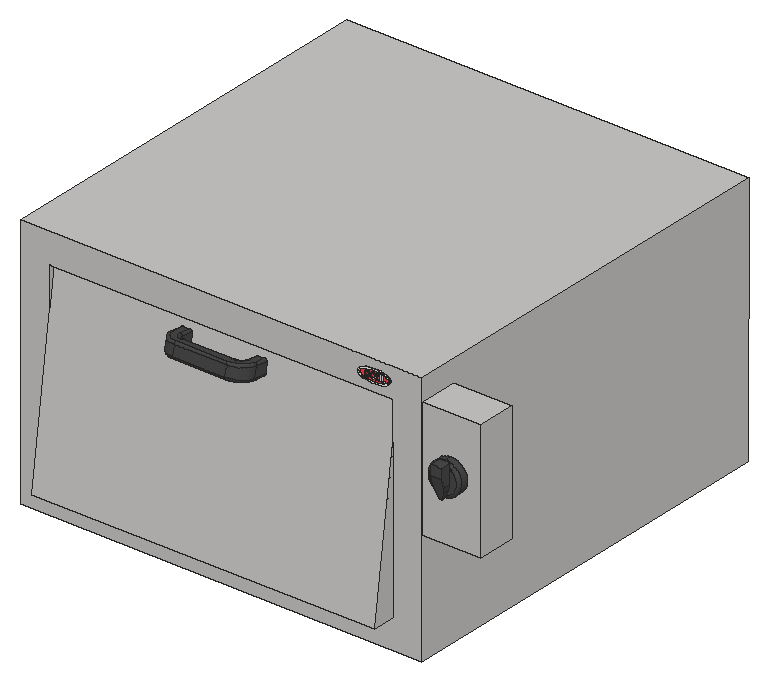
Revit family "QF_COZIL_FFCIL", category Equipamento especial, Revit 2020
Family settings
  Cota do conector redondo = Utilizar diâmetro
  Tipo de parte = Normal
  Número OmniClass = 23.40.40.14.17.11
  Título OmniClass = Cookers, Ovens, Stoves
  Com base no plano de trabalho = Não
  Sempre na vertical = Sim
  Corte com vazios quando carregada = Não
  Compartilhado = Não
  Ponto de cálculo do ambiente = Não
Parameters (values of type "FFCIL")
  Weight [instance] = 25.00 kg
  URL = "https://cozil.com.br/"
  Modelo = "FFCIL"
  Gas Input GN = "4541 kcal/h"
  Gas Input GLP [instance] = 18184 Btu/h
  Gas Flow GN [instance] = 0.49 m³/h
  Gas Flow GLP = "0.39 kg/h"
  Fabricante = "COZIL"
  Elevação padrão = 0.00 mm
  Descrição = "FORNO DE EMBUTIR A GAS"
  Type Comments = ""
  Show Logo [instance] = yes
  Show Clearances [instance] = yes
  Serial Number [instance] = ""
  Seismic Rating [instance] = ""
  SMACNA No [instance] = ""
  Revision Code [instance] = ""
  NAFEM Spec ID Number [instance] = ""
  Masterspec [instance] = ""
  Length Actual [instance] = 850.00 mm
  Item Number [instance] = ""
  Identify Quantity as Lot [instance] = yes
  Height Actual [instance] = 470.00 mm
  Gas Size [instance] = 1/2"
  Gas Connection Height [instance] = 260.00 mm
  Foodservice Equipment Identifier [instance] = yes
  Depth Actual [instance] = 795.00 mm
  CSI MasterFormat [instance] = ""
  CE Approved [instance] = yes
Reference planes
  plane 1 "Centro (Frontal/Traseira)": y = 0
  plane 2: z = 0
  plane 3 "Centro (Esquerda/Direita)": x = 0
  plane 4: z = 470
  plane 5: x = -425
  plane 6: x = -371
  plane 7: z = 50
  plane 8: x = 263
  plane 9: z = 100
  plane 10: x = -54
  plane 11: y = -795
  plane 12: y = -754
  plane 13: x = 317
  plane 14: x = 425
  plane 15: y = -682
Forms (mm)
  Extrusion 1, solid, material "QF_Metal_Stainless Steel"
    sketch origin (0, -545, 0) x (1, 0, 0) y (0, 0, 1)
      loop
        line (-425, 470) -> (-425, 0) -> (317, 0) -> (317, 470) -> (-425, 470)
      loop
        line (263, 415.5) -> (-371, 415.5) -> (-371, 52.7) -> (263, 52.7) -> (263, 415.5)
    from -545 to 209
  Extrusion 2, solid, material "QF_Metal_Stainless Steel"
    sketch origin (0, -545, -11.425) x (1, 0, 0) y (0, 0, 1)
      loop
        line (317, 441.425) -> (317, 221.425) -> (425, 221.425) -> (425, 441.425) -> (317, 441.425)
    from 137 to 209
  Extrusion 3, solid, material "QF_Metal_Stainless Steel"
    sketch origin (0, -479.759, 0) x (0, 1, 0) y (0, 0, 1)
      loop
        line (479.759, 52.7) -> (479.759, 415.5) -> (-264.253, 415.5) -> (-315.241, 52.7) -> (479.759, 52.7)
    from -371 to 263
  Extrusion 4, solid, material "QF_Metal_Stainless Steel"
    sketch origin (0, -682, -11.425) x (-1, 0, 0) y (0, 0, 1)
      loop
        circle (-372, 271.425) r 6.35
    from 0 to 6.35
  Extrusion 5, solid, material "QF_Clearances", visible <- "Show Clearances", detail levels coarse
    sketch origin (263, -479.759, 0) x (0, 1, 0) y (0, 0, 1)
      loop
        arc (-264.252, 415.505) -> (-555.601, 329.203) -> (-681.611, 52.7) r 366.37
        line (-681.611, 52.7) -> (-315.241, 52.7) -> (-264.252, 415.505)
    from 0 to -634
Cuts and joins
  joined: Extrusion 1, Extrusion 3
Lines and regions (mm)
  symbolic lines
    curve 1: line (-425, -754, 0) -> (-425, 0, 0)
    curve 2: line (-425, 0, 0) -> (317, 0, 0)
    curve 3: line (317, 0, 0) -> (317, -754, 0)
    curve 4: line (317, -754, 0) -> (-425, -754, 0)
    curve 5: line (184.111, -795, 0) -> (243.063, -795, 0)
    curve 6: line (184.111, -795, 0) -> (243.063, -795, 0)
    curve 7: line (243.063, -795, 0) -> (184.111, -795, 0)
    curve 8: line (-371, -754, 0) -> (-371, -795, 0)
    curve 9: line (-371, -795, 0) -> (263, -795, 0)
    curve 10: line (263, -795, 0) -> (263, -754, 0)
    curve 11: line (263, -754, 0) -> (-371, -754, 0)
    curve 12: line (317, -754, 0) -> (425, -754, 0)
    curve 13: line (425, -754, 0) -> (425, -682, 0)
    curve 14: line (425, -682, 0) -> (317, -682, 0)
Dimensions and locks
  locked: plane 4 to Extrusion 2 at 40
  "Height Actual": plane 4 to level
  "Gas Connection Height": level to Extrusion 4 sketch curve
  "Depth Actual": plane 11 to plane 1 "Centro (Frontal/Traseira)"
  plane 5 to plane 13 = 742.00 mm
  plane 13 to plane 14 = 108.00 mm
  "Length Actual": plane 5 to plane 14
  plane 1 "Centro (Frontal/Traseira)" to plane 12 = 754.00 mm
  locked: plane 12 to plane 15 at 72
  locked: Extrusion 3 sketch curve to level at 52.7
  plane 4 to Extrusion 3 sketch curve = 54.50 mm
  Extrusion 2 sketch curve to Extrusion 2 sketch curve to level = 220.00 mm locked, 210.00 mm locked
  equal spacing: plane 13, plane 10, plane 5
  equal spacing: Extrusion 3, nested 3, plane 4
  plane 14 to nested 3 = 195.00 mm
  nested 1 to plane 4 = 142.00 mm
  equal spacing: plane 14, nested 1, plane 13
  Extrusion 4 sketch curve to plane 13 = 55.00 mm
  "Gas Size": diameter of Extrusion 4 sketch curve
  locked: plane 11 to Extrusion 3 sketch curve (angle 8.00°)
  aligned and locked: level to plane 2
  aligned and locked: plane 4 to Extrusion 1
  aligned and locked: Extrusion 1 to level
  aligned and locked: Extrusion 1 to plane 5
  aligned and locked: Extrusion 3 to plane 6
  aligned and locked: plane 8 to Extrusion 3
  aligned and locked: Extrusion 5 to Extrusion 3
  aligned and locked: Extrusion 3 to Extrusion 5
  aligned and locked: curve 14 to Extrusion 2
  aligned and locked: plane 12 to Extrusion 2
  aligned and locked: Extrusion 1 to plane 12
  aligned and locked: plane 12 to nested 1
  aligned and locked: curve 11 to Extrusion 1
  aligned and locked: plane 13 to Extrusion 1
  aligned and locked: plane 14 to Extrusion 2
  aligned and locked: curve 13 to Extrusion 2
  aligned and locked: plane 15 to Extrusion 2
  aligned and locked: plane 11 to Extrusion 3 sketch curve
  aligned and locked: Extrusion 1 sketch curve to Extrusion 3  (x4)
  aligned and locked: Extrusion 3 sketch curve to plane 1 "Centro (Frontal/Traseira)"
  aligned and locked: Extrusion 2 to plane 13
  aligned and locked: Extrusion 3 to Extrusion 5 sketch curve
  aligned and locked: Extrusion 5 sketch curve to Extrusion 3
  aligned and locked: nested 2 to Extrusion 5
  aligned and locked: plane 10 to nested 2
  aligned and locked: curve 3 to Extrusion 1
  aligned and locked: plane 12 to nested 3
Automatic sketch dimensions
  plane 1 "Centro (Frontal/Traseira)" to curve 1 = 0.00 mm
  curve 1 to plane 5 = 0.00 mm
  curve 8 to plane 6 = 0.00 mm
  plane 11 to curve 7 = 0.00 mm
  curve 11 to plane 8 = 0.00 mm
  curve 4 to plane 12 = 0.00 mm
  curve 6 to plane 8 = 78.889 mm
  curve 7 to plane 8 = 19.937 mm
  curve 7 to curve 5 = 0.00 mm
  plane 11 to curve 9 = 0.00 mm
  Extrusion 1 sketch curve to level = 0.00 mm
  plane 5 to Extrusion 1 sketch curve = 0.00 mm
  Extrusion 1 sketch curve to plane 13 = 0.00 mm
  Extrusion 1 sketch curve to plane 4 = 0.00 mm
  Extrusion 2 sketch curve to plane 13 = 0.00 mm
  Extrusion 2 sketch curve to plane 14 = 0.00 mm
  Extrusion 5 sketch curve to Extrusion 3 = 0.00 mm
  Extrusion 3 to Extrusion 5 sketch curve = 0.005 mm
Nested families
  nested 1: "Botão Linha Industrial" at (371, -754, 328), type "Botão Fogão.0009"
  nested 2: "PEGADOR PEQUENO" at (-54, -750.77, 367.415) x (1, 0, 0) z (0, 0.1392, 0.9903), type "PEGADOR PEQUENO"
    with Weight 0.00 kg, Watts 0 W, Warranty Start Date "", Warranty Duration "", Volts 0 V, URL Recommended Spares List "", URL Manufacturer "", URL Cutsheet "", URL Critical Spares List "", Technical Documentation "", Tag Number "", Steam type "", Steam Supply Volume 0.0 m³/h, Steam Supply Size 0", Steam Supply Minimum Pressure 0.0 Pa, Steam Supply Maximum Pressure 0.0 Pa, Steam Supply Connection Height 0.00 mm, Steam Pounds per Hour 0, Status "", Specification by User "", Specification by Manufacturer "", Sound Level "", Solid Fuel Type "", Show Logo yes, Show Clearances yes, Service Life Duration "", Serial Number "", Seismic Rating "", SMACNA No "", Revision Code "", Revision "", Refrigeration Working Pressure 0.0 Pa, Refrigeration Evaporation Temperature -273.15 °C, Refrigeration Energy Efficiency Index "", Refrigeration Defrost Drain yes, Refrigeration Climate Class "", Refrigerant Type "", Refrigerant Mass 0, Refrigerant Flow 0.0 m³/h, Production Year "", Point Load 0, Phase 0, Operational Current 0 A, NAFEM Spec ID Number "", Model Warning "", Masterspec "", Length Actual 0.00 mm, Item Number "", Installed By "", Installation Date "", Ingress Protection Code "", Identify Quantity as Lot yes, ID "", Hygiene Approval "", Height Actual 0.00 mm, Gas Size 0", Gas Input 0 Btu/h, Gas Flow GN 0.0 m³/h, Gas Connection Height 0.00 mm, Furnished By "", Fuel Type "", Foodservice Equipment Identifier yes, Flue Type "", Exhaust Volume 0.0 L/s, Exhaust Vent Width 0.00 mm, Exhaust Vent Height 0.00 mm, Exhaust Vent Diameter 0.00 mm, Exhaust Vent Depth 0.00 mm, Exhaust Air Temperature -273.15 °C, Elec Conn Connection Height 0.00 mm, ETL Approved yes, Depth Actual 0.00 mm, Cycle 0 Hz, CSI MasterFormat "", CE Approved yes, Accessory yes
  nested 3: "LOGOTIPO COZIL MENOR" at (230, -754, 442.75), visible <- "Show Logo", type "LOGOTIPO COZIL MENOR"
    with Weight 0.00 kg, Watts 0 W, Waste Water Discharge Temperature -273.15 °C, Waste Remarks "", Warranty Start Date "", Warranty Duration "", Volts 0 V, Volt Free Conn yes, Ventilation Remarks "", URL Recommended Spares List "", URL Manufacturer "", URL Cutsheet "", URL Critical Spares List "", Technical Documentation "", Tag Number "", Steam type "", Steam Supply Volume 0.0 m³/h, Steam Supply Size 0", Steam Supply RI Height 0.00 mm, Steam Supply Minimum Pressure 0.0 Pa, Steam Supply Maximum Pressure 0.0 Pa, Steam Supply Connection Height 0.00 mm, Steam Remarks "", Steam Pounds per Hour 0, Status "", Start Up Current 0 A, Specification by User "", Specification by Manufacturer "", Sound Level "", Solid Fuel Type "", Show Logo yes, Show Clearances yes, Service Life Duration "", Serial Number "", Sensible Heat Output 0 Btu/h, Seismic Rating "", SMACNA No "", Revision Code "", Revision "", Refrigeration Working Pressure 0.0 Pa, Refrigeration Suction Line Size 0", Refrigeration Liquid Line Size 0", Refrigeration Evaporation Temperature -273.15 °C, Refrigeration Energy Efficiency Index "", Refrigeration Defrost Drain yes, Refrigeration Climate Class "", Refrigerant Type "", Refrigerant Mass 0, Refrigerant Flow 0.0 m³/h, Refrigerant Compressor Remote yes, Production Year "", Preheated Hot Water Temperature Recommended -273.15 °C, Preheated Hot Water Size 0", Preheated Hot Water RI Height 0.00 mm, Preheated Hot Water Quality "", Preheated Hot Water Minimum Pressure 0.0 Pa, Preheated Hot Water Maximum Pressure 0.0 Pa, Preheated Hot Water Flow 0.0 m³/h, Preheated Hot Water Connection Height 0.00 mm, Potential Equalisation yes, Point Load 0, Plumbing Remarks "", Plumbing Connection Type "", Phase 0, Other Equipment Approvals "", Operational Current 0 A, Odor Trap Included yes, Number of Poles 1, No Load Power Draw yes, National Water Regulation Certification yes, NAFEM Spec ID Number "", Model Warning "", Min Ckt Ampacity 0 A, Mechanical Remarks "", Mechanical Connection Type "", Max Overcurrent Protection 0 A, Masterspec "", Main switch integrated yes, MU Air Volume 0.0 L/s, MU Air Vent Width 0.00 mm, MU Air Vent Diameter 0.00 mm, MU Air Vent Depth 0.00 mm, MU Air Static Press 0.0 Pa, MU Air Speed at Spigot 0.0 L/s, MU Air RI Height 0.00 mm, Length Actual 0.00 mm, Latent Heat Output 0 Btu/h, Item Number "", Installed By "", Installation Date "", Ingress Protection Code "", Indirect Waste Size 0", Indirect Waste Flow 0.0 m³/h, Indirect Waste Connection Type "", Indirect Waste Connection Height 0.00 mm, Identify Quantity as Lot yes, ID "", Hygiene Approval "", Hot Water Temperature -273.15 °C, Hot Water Supply Temperature -273.15 °C, Hot Water Size 0", Hot Water RI Height 0.00 mm, Hot Water Quality "", Hot Water Minimum Pressure 0.0 Pa, Hot Water Maximum Pressure 0.0 Pa, Hot Water Flow 0.0 m³/h, Hot Water Consumption "", Hot Water Connection Height 0.00 mm, Height Actual 0.00 mm, HP "", Gas Size Flexible 0", Gas Size Fixed 0", Gas Size 0", Gas RI Height 0.00 mm, Gas Input 0 Btu/h, Gas Flow 0.0 m³/h, Gas Connection Height 0.00 mm, Furnished By "", Fuel Type "", Foodservice Equipment Identifier yes, Flue Type "", Filtered Treated Water Supply Size 0", Filtered Treated Water Recommended Temperature -273.15 °C, Filtered Treated Water RI Height 0.00 mm, Filtered Treated Water Quality "", Filtered Treated Water Minimum Pressure 0.0 Pa, Filtered Treated Water Maximum Pressure 0.0 Pa, Filtered Treated Water Flow 0.0 m³/h, Filtered Treated Water Consumption "", Filtered Treated Water Connection Height 0.00 mm, FL Amps 0 A, Exhaust Volume 0.0 L/s, Exhaust Vent Width 0.00 mm, Exhaust Vent Height 0.00 mm, Exhaust Vent Diameter 0.00 mm, Exhaust Vent Depth 0.00 mm, Exhaust Static Press 0.0 Pa, Exhaust Speed at Spigot 0.0 L/s, Exhaust RI Height 0.00 mm, Exhaust Air Temperature -273.15 °C, Exhaust Air Humidity 0, Energy Efficiency Labelling "", Electrical Remarks "", Electric Connection Type "", Elec Conn RI Height 0.00 mm, Elec Conn Connection Height 0.00 mm, Earth Leakage Switch necessary yes, Earth Leakage Switch Type "", ETL Approved yes, Direct Waste Size 0", Direct Waste RI Height 0.00 mm, Direct Waste Flow 0.0 m³/h, Direct Waste Connection Height 0.00 mm, Direct Heat Output 0 Btu/h, Digital Connectivity Description "", Depth Actual 0.00 mm, Cycle 0 Hz, Connection to energy optimisation system yes, Conn Plug "", Conn Conduit yes, Condensate Return Size 0", Condensate Return RI Height 0.00 mm, Condensate Return Connection Height 0.00 mm, Compressed Air Volume 0.0 m³/h, Compressed Air Size 0", Compressed Air RI Height 0.00 mm, Compressed Air Quality "", Compressed Air Pressure 0.0 Pa, Compressed Air Connection Height 0.00 mm, Cold Water Temperature Recommended -273.15 °C, Cold Water Size 0", Cold Water RI Height 0.00 mm, Cold Water Quality "", Cold Water Minimum Pressure 0.0 Pa, Cold Water Maximum Pressure 0.0 Pa, Cold Water Flow 0.0 m³/h, Cold Water Consumption "", Cold Water Connection Height 0.00 mm, Chilled Water Temperature -273.15 °C, Chilled Water Supply Size 0", Chilled Water Supply RI Height 0.00 mm, Chilled Water Supply Quality "", Chilled Water Supply Maximum Temperature -273.15 °C, Chilled Water Supply Connection Height 0.00 mm, Chilled Water Return Size 0", Chilled Water Return RI Height 0.00 mm, Chilled Water Return Minimum Pressure 0.0 Pa, Chilled Water Return Maximum Pressure 0.0 Pa, Chilled Water Return Connection Height 0.00 mm, Chilled Water Minimum Pressure 0.0 Pa, Chilled Water Maximum Pressure 0.0 Pa, Chilled Water Flow 0.0 m³/h, CSI MasterFormat "", CO2 Volume 0.0 m³/h, CO2 Size 0", CO2 RI Height 0.00 mm, CO2 Pressure 0.0 Pa, CO2 Connection Height 0.00 mm, CE Approved yes, Barcode "", BTUH 0 Btu/h, Author "", Asset Identifier "", Apparent Power 0 VA, Accessory yes, Ability for Digital Connectivity yes
Connectors
  piping at (372, -675.65, 260), diameter 12.7, driven by "Gas Size"
    settings: on Extrusion 4, index 1, connector inside diameter 24", connector length 0.00 mm, flow factor 0, pipe flow 0.0 m³/h, pressure drop 0.0 Pa, fitting loss kfactor 0, connector angle 0.00°, fixture units 0, engagement length 0.00 mm, angle of deflection 0.00°, flow configuration 0, flow direction 1, fitting loss method 0, system type 7, joint type 0, gender type 0, connector reference index -1, connector utility 0, adjustable connector no, is connector primary yes, connector description ""
Definition of nested family "Botão Linha Industrial"
  Parameters (values of type "Botão Fogão.0009")
    Default Elevation = 0.00 mm
  Reference planes
    plane 1 "Center (Front/Back)": y = 0
    plane 2: z = 0
    plane 3 "Center (Left/Right)": x = 0
    plane 4: z = 0
  Forms (mm)
    Revolve 1, solid
      sketch origin (0, 0, 0) x (0, 1, 0) y (0, 0, -1)
        loop
          line (0, 30) -> (-13, 30)
          arc (-13, 30) -> (-16.536, 28.536) -> (-18, 25) r 5
          line (-18, 25) -> (-18, 0) -> (0, 0) -> (0, 30)
        axis (0, 0) -> (-18, 0)
      angle from 0 to 360
    Extrusion 2, void
      sketch origin (0, 10, -2.8) x (0, 1, 0) y (0, 0, -1)
        loop
          line (-45, -12.8) -> (-30, 37.2) -> (-45, 37.2) -> (-45, -12.8)
      from -35.871 to 23.428
    Extrusion 3, solid
      sketch origin (0, -15, 0) x (0, 0, -1) y (1, 0, 0)
        loop
          arc (6.478, -10) -> (10.819, -9.62) -> (15.028, -8.492) r 25
          line (15.028, -8.492) -> (28.635, -3.54)
          arc (28.635, -3.54) -> (29.554, -2.856) -> (29.947, -1.779) r 2
          arc (29.947, -1.779) -> (30, 0) -> (29.947, 1.779) r 30
          arc (29.947, 1.779) -> (29.554, 2.856) -> (28.635, 3.54) r 2
          line (28.635, 3.54) -> (15.028, 8.492)
          arc (15.028, 8.492) -> (10.819, 9.62) -> (6.478, 10) r 25
          line (6.478, 10) -> (-28.284, 10)
          arc (-28.284, 10) -> (-29.93, 0) -> (-28.284, -10) r 31.212
          line (-28.284, -10) -> (6.478, -10)
      from -0.256 to 20
  Cuts and joins
    Extrusion 2 cuts Revolve 1
    Extrusion 2 cuts Extrusion 3
    joined: Revolve 1, Extrusion 3
  Dimensions and locks
    Revolve 1 sketch curve to level = 30.00 mm
    Extrusion 3 sketch curve to plane 3 "Center (Left/Right)" = 10.00 mm
    aligned and locked: level to plane 2
Definition of nested family "PEGADOR PEQUENO"
  Parameters (values of type "PEGADOR PEQUENO")
    Weight [instance] = 0.00 kg
    Watts [instance] = 0 W
    Warranty Start Date [instance] = ""
    Warranty Duration [instance] = ""
    Volts [instance] = 0 V
    URL Recommended Spares List [instance] = ""
    URL Manufacturer [instance] = ""
    URL Cutsheet [instance] = ""
    URL Critical Spares List [instance] = ""
    Gas Flow GN [instance] = 0.0 m³/h
    Gas Flow GLP = ""
    Default Elevation = 0.00 mm
    Type Comments = ""
    Technical Documentation [instance] = ""
    Tag Number [instance] = ""
    Steam type [instance] = ""
    Steam Supply Volume [instance] = 0.0 m³/h
    Steam Supply Size [instance] = 0"
    Steam Supply Minimum Pressure [instance] = 0.0 Pa
    Steam Supply Maximum Pressure [instance] = 0.0 Pa
    Steam Supply Connection Height [instance] = 0.00 mm
    Steam Pounds per Hour [instance] = 0
    Status [instance] = ""
    Specification by User [instance] = ""
    Specification by Manufacturer [instance] = ""
    Sound Level [instance] = ""
    Solid Fuel Type [instance] = ""
    Show Logo [instance] = yes
    Show Clearances [instance] = yes
    Service Life Duration [instance] = ""
    Serial Number [instance] = ""
    Seismic Rating [instance] = ""
    SMACNA No [instance] = ""
    Revision Code [instance] = ""
    Revision [instance] = ""
    Refrigeration Working Pressure [instance] = 0.0 Pa
    Refrigeration Evaporation Temperature [instance] = -273.15 °C
    Refrigeration Energy Efficiency Index [instance] = ""
    Refrigeration Defrost Drain [instance] = yes
    Refrigeration Climate Class [instance] = ""
    Refrigerant Type [instance] = ""
    Refrigerant Mass [instance] = 0
    Refrigerant Flow [instance] = 0.0 m³/h
    Production Year [instance] = ""
    Point Load [instance] = 0
    Phase [instance] = 0
    Operational Current [instance] = 0 A
    NAFEM Spec ID Number [instance] = ""
    Model Warning [instance] = ""
    Masterspec [instance] = ""
    Length Actual [instance] = 0.00 mm
    Item Number [instance] = ""
    Installed By [instance] = ""
    Installation Date [instance] = ""
    Ingress Protection Code [instance] = ""
    Identify Quantity as Lot [instance] = yes
    ID [instance] = ""
    Hygiene Approval [instance] = ""
    Height Actual [instance] = 0.00 mm
    Gas Size [instance] = 0"
    Gas Input [instance] = 0 Btu/h
    Gas Connection Height [instance] = 0.00 mm
    Furnished By [instance] = ""
    Fuel Type [instance] = ""
    Foodservice Equipment Identifier [instance] = yes
    Flue Type [instance] = ""
    Exhaust Volume [instance] = 0.0 L/s
    Exhaust Vent Width [instance] = 0.00 mm
    Exhaust Vent Height [instance] = 0.00 mm
    Exhaust Vent Diameter [instance] = 0.00 mm
    Exhaust Vent Depth [instance] = 0.00 mm
    Exhaust Air Temperature [instance] = -273.15 °C
    Elec Conn Connection Height [instance] = 0.00 mm
    ETL Approved [instance] = yes
    Depth Actual [instance] = 0.00 mm
    Cycle [instance] = 0 Hz
    CSI MasterFormat [instance] = ""
    CE Approved [instance] = yes
    Accessory [instance] = yes
  Reference planes
    plane 1 "Centro (Frontal/Traseira)": y = 0
    plane 2: z = 0
    plane 3 "Centro (Esquerda/Direita)": x = 0
    plane 4: z = 656.834
    plane 5: x = 32.749
    plane 6: x = 118.281
  Forms (mm)
    Sweep 1, solid
      path origin (-28.058, -51.662, 25) x (1, 0, 0) y (0, 1, 0)
        loop
          line (-40.942, 51.662) -> (-40.942, 27.662)
          arc (-40.942, 27.662) -> (-34.791, 12.813) -> (-19.942, 6.662) r 21
          line (-19.942, 6.662) -> (76.058, 6.662)
          arc (76.058, 6.662) -> (90.908, 12.813) -> (97.058, 27.662) r 21
          line (97.058, 27.662) -> (97.058, 51.662)
      profile origin (-69, -12, 25) x (1, 0, 0) y (0, 0, 1)
        loop
          line (-6.044, -25) -> (5.965, -25)
          arc (5.965, -25) -> (8.818, -23.818) -> (10, -20.965) r 4.035
          line (10, -20.965) -> (10, -0.965)
          arc (10, -0.965) -> (8.839, 1.839) -> (6.035, 3) r 3.965
          line (6.035, 3) -> (-5.975, 3)
          arc (-5.975, 3) -> (-8.821, 1.821) -> (-10, -1.025) r 4.025
          line (-10, -1.025) -> (-10, -21.044)
          arc (-10, -21.044) -> (-8.841, -23.841) -> (-6.044, -25) r 3.956
  Dimensions and locks
    plane 4 to level = 656.834 mm
    aligned and locked: level to plane 2
Definition of nested family "LOGOTIPO COZIL MENOR"
  Parameters (values of type "LOGOTIPO COZIL MENOR")
    Weight [instance] = 0.00 kg
    Watts [instance] = 0 W
    Waste Water Discharge Temperature [instance] = -273.15 °C
    Waste Remarks [instance] = ""
    Warranty Start Date [instance] = ""
    Warranty Duration [instance] = ""
    Volts [instance] = 0 V
    Volt Free Conn [instance] = yes
    Ventilation Remarks [instance] = ""
    URL Recommended Spares List [instance] = ""
    URL Manufacturer [instance] = ""
    URL Cutsheet [instance] = ""
    URL Critical Spares List [instance] = ""
    Default Elevation = 0.00 mm
    Type Comments = "USA_IFSE_SharedParameters_Dummy_V07_21"
    Technical Documentation [instance] = ""
    Tag Number [instance] = ""
    Steam type [instance] = ""
    Steam Supply Volume [instance] = 0.0 m³/h
    Steam Supply Size [instance] = 0"
    Steam Supply RI Height [instance] = 0.00 mm
    Steam Supply Minimum Pressure [instance] = 0.0 Pa
    Steam Supply Maximum Pressure [instance] = 0.0 Pa
    Steam Supply Connection Height [instance] = 0.00 mm
    Steam Remarks [instance] = ""
    Steam Pounds per Hour [instance] = 0
    Status [instance] = ""
    Start Up Current [instance] = 0 A
    Specification by User [instance] = ""
    Specification by Manufacturer [instance] = ""
    Sound Level [instance] = ""
    Solid Fuel Type [instance] = ""
    Show Logo [instance] = yes
    Show Clearances [instance] = yes
    Service Life Duration [instance] = ""
    Serial Number [instance] = ""
    Sensible Heat Output [instance] = 0 Btu/h
    Seismic Rating [instance] = ""
    SMACNA No [instance] = ""
    Revision Code [instance] = ""
    Revision [instance] = ""
    Refrigeration Working Pressure [instance] = 0.0 Pa
    Refrigeration Suction Line Size [instance] = 0"
    Refrigeration Liquid Line Size [instance] = 0"
    Refrigeration Evaporation Temperature [instance] = -273.15 °C
    Refrigeration Energy Efficiency Index [instance] = ""
    Refrigeration Defrost Drain [instance] = yes
    Refrigeration Climate Class [instance] = ""
    Refrigerant Type [instance] = ""
    Refrigerant Mass [instance] = 0
    Refrigerant Flow [instance] = 0.0 m³/h
    Refrigerant Compressor Remote [instance] = yes
    Production Year [instance] = ""
    Preheated Hot Water Temperature Recommended [instance] = -273.15 °C
    Preheated Hot Water Size [instance] = 0"
    Preheated Hot Water RI Height [instance] = 0.00 mm
    Preheated Hot Water Quality [instance] = ""
    Preheated Hot Water Minimum Pressure [instance] = 0.0 Pa
    Preheated Hot Water Maximum Pressure [instance] = 0.0 Pa
    Preheated Hot Water Flow [instance] = 0.0 m³/h
    Preheated Hot Water Connection Height [instance] = 0.00 mm
    Potential Equalisation [instance] = yes
    Point Load [instance] = 0
    Plumbing Remarks [instance] = ""
    Plumbing Connection Type [instance] = ""
    Phase [instance] = 0
    Other Equipment Approvals [instance] = ""
    Operational Current [instance] = 0 A
    Odor Trap Included [instance] = yes
    Number of Poles [instance] = 1
    No Load Power Draw [instance] = yes
    National Water Regulation Certification [instance] = yes
    NAFEM Spec ID Number [instance] = ""
    Model Warning [instance] = ""
    Min Ckt Ampacity [instance] = 0 A
    Mechanical Remarks [instance] = ""
    Mechanical Connection Type [instance] = ""
    Max Overcurrent Protection [instance] = 0 A
    Masterspec [instance] = ""
    Main switch integrated [instance] = yes
    MU Air Volume [instance] = 0.0 L/s
    MU Air Vent Width [instance] = 0.00 mm
    MU Air Vent Diameter [instance] = 0.00 mm
    MU Air Vent Depth [instance] = 0.00 mm
    MU Air Static Press [instance] = 0.0 Pa
    MU Air Speed at Spigot [instance] = 0.0 L/s
    MU Air RI Height [instance] = 0.00 mm
    Length Actual [instance] = 0.00 mm
    Latent Heat Output [instance] = 0 Btu/h
    Item Number [instance] = ""
    Installed By [instance] = ""
    Installation Date [instance] = ""
    Ingress Protection Code [instance] = ""
    Indirect Waste Size [instance] = 0"
    Indirect Waste Flow [instance] = 0.0 m³/h
    Indirect Waste Connection Type [instance] = ""
    Indirect Waste Connection Height [instance] = 0.00 mm
    Identify Quantity as Lot [instance] = yes
    ID [instance] = ""
    Hygiene Approval [instance] = ""
    Hot Water Temperature [instance] = -273.15 °C
    Hot Water Supply Temperature [instance] = -273.15 °C
    Hot Water Size [instance] = 0"
    Hot Water RI Height [instance] = 0.00 mm
    Hot Water Quality [instance] = ""
    Hot Water Minimum Pressure [instance] = 0.0 Pa
    Hot Water Maximum Pressure [instance] = 0.0 Pa
    Hot Water Flow [instance] = 0.0 m³/h
    Hot Water Consumption [instance] = ""
    Hot Water Connection Height [instance] = 0.00 mm
    Height Actual [instance] = 0.00 mm
    HP [instance] = ""
    Gas Size Flexible [instance] = 0"
    Gas Size Fixed [instance] = 0"
    Gas Size [instance] = 0"
    Gas RI Height [instance] = 0.00 mm
    Gas Input [instance] = 0 Btu/h
    Gas Flow [instance] = 0.0 m³/h
    Gas Connection Height [instance] = 0.00 mm
    Furnished By [instance] = ""
    Fuel Type [instance] = ""
    Foodservice Equipment Identifier [instance] = yes
    Flue Type [instance] = ""
    Filtered Treated Water Supply Size [instance] = 0"
    Filtered Treated Water Recommended Temperature [instance] = -273.15 °C
    Filtered Treated Water RI Height [instance] = 0.00 mm
    Filtered Treated Water Quality [instance] = ""
    Filtered Treated Water Minimum Pressure [instance] = 0.0 Pa
    Filtered Treated Water Maximum Pressure [instance] = 0.0 Pa
    Filtered Treated Water Flow [instance] = 0.0 m³/h
    Filtered Treated Water Consumption [instance] = ""
    Filtered Treated Water Connection Height [instance] = 0.00 mm
    FL Amps [instance] = 0 A
    Exhaust Volume [instance] = 0.0 L/s
    Exhaust Vent Width [instance] = 0.00 mm
    Exhaust Vent Height [instance] = 0.00 mm
    Exhaust Vent Diameter [instance] = 0.00 mm
    Exhaust Vent Depth [instance] = 0.00 mm
    Exhaust Static Press [instance] = 0.0 Pa
    Exhaust Speed at Spigot [instance] = 0.0 L/s
    Exhaust RI Height [instance] = 0.00 mm
    Exhaust Air Temperature [instance] = -273.15 °C
    Exhaust Air Humidity [instance] = 0
    Energy Efficiency Labelling [instance] = ""
    Electrical Remarks [instance] = ""
    Electric Connection Type [instance] = ""
    Elec Conn RI Height [instance] = 0.00 mm
    Elec Conn Connection Height [instance] = 0.00 mm
    Earth Leakage Switch necessary [instance] = yes
    Earth Leakage Switch Type [instance] = ""
    ETL Approved [instance] = yes
    Direct Waste Size [instance] = 0"
    Direct Waste RI Height [instance] = 0.00 mm
    Direct Waste Flow [instance] = 0.0 m³/h
    Direct Waste Connection Height [instance] = 0.00 mm
    Direct Heat Output [instance] = 0 Btu/h
    Digital Connectivity Description [instance] = ""
    Depth Actual [instance] = 0.00 mm
    Cycle [instance] = 0 Hz
    Connection to energy optimisation system [instance] = yes
    Conn Plug [instance] = ""
    Conn Conduit [instance] = yes
    Condensate Return Size [instance] = 0"
    Condensate Return RI Height [instance] = 0.00 mm
    Condensate Return Connection Height [instance] = 0.00 mm
    Compressed Air Volume [instance] = 0.0 m³/h
    Compressed Air Size [instance] = 0"
    Compressed Air RI Height [instance] = 0.00 mm
    Compressed Air Quality [instance] = ""
    Compressed Air Pressure [instance] = 0.0 Pa
    Compressed Air Connection Height [instance] = 0.00 mm
    Cold Water Temperature Recommended [instance] = -273.15 °C
    Cold Water Size [instance] = 0"
    Cold Water RI Height [instance] = 0.00 mm
    Cold Water Quality [instance] = ""
    Cold Water Minimum Pressure [instance] = 0.0 Pa
    Cold Water Maximum Pressure [instance] = 0.0 Pa
    Cold Water Flow [instance] = 0.0 m³/h
    Cold Water Consumption [instance] = ""
    Cold Water Connection Height [instance] = 0.00 mm
    Chilled Water Temperature [instance] = -273.15 °C
    Chilled Water Supply Size [instance] = 0"
    Chilled Water Supply RI Height [instance] = 0.00 mm
    Chilled Water Supply Quality [instance] = ""
    Chilled Water Supply Maximum Temperature [instance] = -273.15 °C
    Chilled Water Supply Connection Height [instance] = 0.00 mm
    Chilled Water Return Size [instance] = 0"
    Chilled Water Return RI Height [instance] = 0.00 mm
    Chilled Water Return Minimum Pressure [instance] = 0.0 Pa
    Chilled Water Return Maximum Pressure [instance] = 0.0 Pa
    Chilled Water Return Connection Height [instance] = 0.00 mm
    Chilled Water Minimum Pressure [instance] = 0.0 Pa
    Chilled Water Maximum Pressure [instance] = 0.0 Pa
    Chilled Water Flow [instance] = 0.0 m³/h
    CSI MasterFormat [instance] = ""
    CO2 Volume [instance] = 0.0 m³/h
    CO2 Size [instance] = 0"
    CO2 RI Height [instance] = 0.00 mm
    CO2 Pressure [instance] = 0.0 Pa
    CO2 Connection Height [instance] = 0.00 mm
    CE Approved [instance] = yes
    Barcode [instance] = ""
    BTUH [instance] = 0 Btu/h
    Author [instance] = ""
    Asset Identifier [instance] = ""
    Apparent Power [instance] = 0 VA
    Accessory [instance] = yes
    Ability for Digital Connectivity [instance] = yes
  Reference planes
    plane 1 "Centro (Frontal/Traseira)": y = 0
    plane 2: z = 0
    plane 3 "Centro (Esquerda/Direita)": x = 0
  Forms (mm)
    Extrusion 1, solid
      sketch origin (0, 0, 0) x (1, 0, 0) y (0, 0, 1)
        loop
          spline (-29.554, 0) -> (-28.547, -3.138) -> (-25.594, -6.062) -> (-20.898, -8.573) -> (-14.777, -10.5) -> (-7.649, -11.711) -> (0, -12.125) -> (7.649, -11.711) -> (14.777, -10.5) -> (20.898, -8.573) -> (25.594, -6.062) -> (28.547, -3.138) -> (29.554, 0)
          spline (29.554, 0) -> (28.547, 3.138) -> (25.594, 6.062) -> (20.898, 8.573) -> (14.777, 10.5) -> (7.649, 11.711) -> (0, 12.125) -> (-7.649, 11.711) -> (-14.777, 10.5) -> (-20.898, 8.573) -> (-25.594, 6.062) -> (-28.547, 3.138) -> (-29.554, 0)
        loop
          spline (-27.28, 0) -> (-26.351, -2.55) -> (-23.625, -4.926) -> (-19.29, -6.966) -> (-13.64, -8.531) -> (-7.061, -9.516) -> (0, -9.851) -> (7.061, -9.516) -> (13.64, -8.531) -> (19.29, -6.966) -> (23.625, -4.926) -> (26.351, -2.55) -> (27.28, 0)
          spline (27.28, 0) -> (26.351, 2.55) -> (23.625, 4.926) -> (19.29, 6.966) -> (13.64, 8.531) -> (7.061, 9.516) -> (0, 9.851) -> (-7.061, 9.516) -> (-13.64, 8.531) -> (-19.29, 6.966) -> (-23.625, 4.926) -> (-26.351, 2.55) -> (-27.28, 0)
      from 0 to 2
    Extrusion 2, solid
      sketch origin (0, 0, 0) x (-1, 0, 0) y (0, 0, 1)
        loop
          spline (27.28, 0) -> (26.351, 2.55) -> (23.625, 4.926) -> (19.29, 6.967) -> (13.64, 8.533) -> (7.061, 9.517) -> (0, 9.853) -> (-7.061, 9.517) -> (-13.64, 8.533) -> (-19.29, 6.967) -> (-23.625, 4.926) -> (-26.351, 2.55) -> (-27.28, 0)
          spline (-27.28, 0) -> (-26.351, -2.55) -> (-23.625, -4.926) -> (-19.29, -6.967) -> (-13.64, -8.533) -> (-7.061, -9.517) -> (0, -9.853) -> (7.061, -9.517) -> (13.64, -8.533) -> (19.29, -6.967) -> (23.625, -4.926) -> (26.351, -2.55) -> (27.28, 0)
      from 0 to -1
    Extrusion 3, solid
      sketch origin (0, -1, 0) x (1, 0, 0) y (0, 0, 1)
        loop
          arc (-8.665, 3.23) -> (-17.767, 0.329) -> (-8.665, -2.572) r 5.014
          line (-8.665, -2.572) -> (-9.355, -2.082)
          arc (-9.355, -2.082) -> (-16.922, 0.333) -> (-9.355, 2.748) r 4.169
          line (-9.355, 2.748) -> (-8.665, 3.23)
        loop
          circle (-2.19, 0.368) r 3.959
        loop
          circle (-2.216, 0.363) r 4.94
        loop
          line (4.126, 5.064) -> (4.126, 4.089) -> (7.658, 4.089) -> (3.733, -4.328) -> (8.887, -4.328) -> (8.887, -3.397) -> (5.059, -3.397) -> (9.004, 5.064) -> (4.126, 5.064)
        loop
          line (10.865, 5.002) -> (10.865, -4.328) -> (11.678, -4.328) -> (11.678, 5.002) -> (10.865, 5.002)
        loop
          line (14.083, 5.002) -> (14.083, -4.328) -> (18.527, -4.328) -> (18.527, -3.405) -> (14.909, -3.405) -> (14.909, 5.002) -> (14.083, 5.002)
      from 0 to 1
  Cuts and joins
    joined: Extrusion 1, Extrusion 3
  Dimensions and locks
    Extrusion 1 sketch curve to Extrusion 1 sketch curve = 59.107 mm
    Extrusion 1 sketch curve to Extrusion 1 sketch curve = 24.249 mm
    Extrusion 1 sketch curve to Extrusion 1 sketch curve = 54.561 mm
    Extrusion 1 sketch curve to Extrusion 1 sketch curve = 19.702 mm
    aligned and locked: level to plane 2
